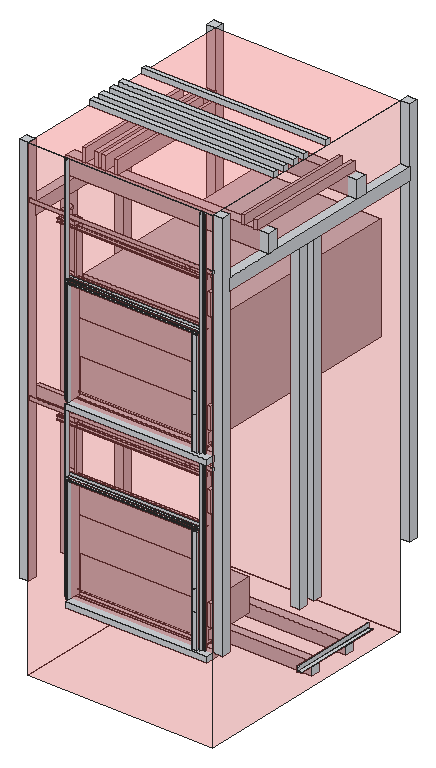
Revit family "SF6000-3U-1方向", category 一般モデル, Revit 2018
Family settings
  鉄筋をホスト可能 = いいえ
  丸型コネクタ寸法 = 直径を使用
  パーツ タイプ = 標準
  作業面ベース = いいえ
  常に垂直 = はい
  ロード時にボイドで切り取り = いいえ
  共有 = いいえ
  部屋計算ポイント = いいえ
Parameters
  昇降行程 = 5000 mm
Reference planes
  plane 1 "レール芯": y = 0
  plane 2 "最下階FL": z = 0
  plane 3 "かご芯": x = 0
  plane 4: z = 5000
  plane 5 "ピット底面": z = -2400
  plane 6: z = 11100
  plane 7: z = 3000
Forms (mm)
  Extrusion 1, solid
    sketch origin (-115, 130, 0) x (1, 0, 0) y (0, 1, 0)
      loop
        line (-2850, 3425) -> (-2850, -3215) -> (2370, -3215) -> (2370, 3425) -> (-2850, 3425)
    from -2400 to 11100
  Extrusion 2, solid
    sketch origin (-188.849, -192.656, 5000) x (1, 0, 0) y (0, 1, 0)
      loop
        line (-1606.151, 3632.656) -> (-1606.151, -2407.344) -> (1983.849, -2407.344) -> (1983.849, 3632.656) -> (-1606.151, 3632.656)
    from 0 to 3000
  Extrusion 3, solid
    sketch origin (-1419.116, 474.003, -69) x (1, 0, 0) y (0, 1, 0)
      loop
        line (-1125.884, 1163.497) -> (-1125.884, 188.497) -> (921.616, 188.497) -> (921.616, 1163.497) -> (-1125.884, 1163.497)
    from -1931 to -1020
  Extrusion 4, solid
    sketch origin (-80.164, 26.744, 0) x (1, 0, 0) y (0, 1, 0)
      loop
        line (2335.164, 388.256) -> (2335.164, 138.256) -> (2585.164, 138.256) -> (2585.164, 388.256) -> (2335.164, 388.256)
    from 0 to 9160
  Extrusion 5, solid
    sketch origin (-55.164, -373.256, 0) x (1, 0, 0) y (0, 1, 0)
      loop
        line (2310.164, 288.256) -> (2310.164, 38.256) -> (2560.164, 38.256) -> (2560.164, 288.256) -> (2310.164, 288.256)
    from 0 to 9160
  Extrusion 6, solid
    sketch origin (148.997, -46.31, 0) x (1, 0, 0) y (0, 1, 0)
      loop
        line (-3363.997, 581.31) -> (-3363.997, 331.31) -> (-3113.997, 331.31) -> (-3113.997, 581.31) -> (-3363.997, 581.31)
    from 0 to 9160
  Extrusion 7, solid
    sketch origin (-181.003, -1846.31, 0) x (1, 0, 0) y (0, 1, 0)
      loop
        line (-3033.997, 481.31) -> (-3033.997, 231.31) -> (-2783.997, 231.31) -> (-2783.997, 481.31) -> (-3033.997, 481.31)
    from 0 to 9160
  Extrusion 8, solid
    sketch origin (0, -154.792, -183.066) x (0, 1, 0) y (0, 0, 1)
      loop
        line (279.792, 11433.066) -> (279.792, 11283.066) -> (429.792, 11283.066) -> (429.792, 11433.066) -> (279.792, 11433.066)
    from -2965 to 2255
  Extrusion 9, solid
    sketch origin (0, -494.792, -183.066) x (0, 1, 0) y (0, 0, 1)
      loop
        line (279.792, 11433.066) -> (279.792, 11283.066) -> (429.792, 11283.066) -> (429.792, 11433.066) -> (279.792, 11433.066)
    from -2965 to 2255
  Extrusion 10, solid
    sketch origin (0, -859.792, -183.066) x (0, 1, 0) y (0, 0, 1)
      loop
        line (279.792, 11433.066) -> (279.792, 11283.066) -> (429.792, 11283.066) -> (429.792, 11433.066) -> (279.792, 11433.066)
    from -2965 to 2255
  Extrusion 11, solid
    sketch origin (0, 635.208, -183.066) x (0, 1, 0) y (0, 0, 1)
      loop
        line (279.792, 11433.066) -> (279.792, 11283.066) -> (429.792, 11283.066) -> (429.792, 11433.066) -> (279.792, 11433.066)
    from -2965 to 2255
  Extrusion 12, solid
    sketch origin (0, -1982.235, 116.596) x (0, 1, 0) y (0, 0, 1)
      loop
        line (-827.765, 4733.404) -> (-827.765, 4433.404) -> (-677.765, 4433.404) -> (-677.765, 4733.404) -> (-827.765, 4733.404)
    from -2965 to 2255
  Extrusion 13, solid
    sketch origin (122.648, -2068.415, 0) x (-1, 0, 0) y (0, -1, 0)
      loop
        line (-1827.352, 1006.585) -> (-1827.352, 1106.585) -> (-1830.352, 1106.585)
        arc (-1830.352, 1106.585) -> (-1835.302, 1104.535) -> (-1837.352, 1099.585) r 7
        line (-1837.352, 1099.585) -> (-1837.352, 1026.585)
        arc (-1837.352, 1026.585) -> (-1840.281, 1019.514) -> (-1847.352, 1016.585) r 10
        line (-1847.352, 1016.585) -> (-1920.352, 1016.585)
        arc (-1920.352, 1016.585) -> (-1925.302, 1014.535) -> (-1927.352, 1009.585) r 7
        line (-1927.352, 1009.585) -> (-1927.352, 1006.585) -> (-1827.352, 1006.585)
    from 0 to 4850
  Extrusion 14, solid
    sketch origin (77.352, -2068.415, 0) x (1, 0, 0) y (0, 1, 0)
      loop
        line (-2000.352, -1016.585) -> (-1927.352, -1016.585)
        arc (-1927.352, -1016.585) -> (-1920.281, -1019.514) -> (-1917.352, -1026.585) r 10
        line (-1917.352, -1026.585) -> (-1917.352, -1099.585)
        arc (-1917.352, -1099.585) -> (-1915.302, -1104.535) -> (-1910.352, -1106.585) r 7
        line (-1910.352, -1106.585) -> (-1907.352, -1106.585) -> (-1907.352, -1006.585) -> (-2007.352, -1006.585) -> (-2007.352, -1009.585)
        arc (-2007.352, -1009.585) -> (-2005.302, -1014.535) -> (-2000.352, -1016.585) r 7
    from 0 to 4850
  Extrusion 15, solid
    sketch origin (322.648, -2068.415, 5000) x (-1, 0, 0) y (0, -1, 0)
      loop
        line (-1627.352, 1006.585) -> (-1627.352, 1106.585) -> (-1630.352, 1106.585)
        arc (-1630.352, 1106.585) -> (-1635.302, 1104.535) -> (-1637.352, 1099.585) r 7
        line (-1637.352, 1099.585) -> (-1637.352, 1026.585)
        arc (-1637.352, 1026.585) -> (-1640.281, 1019.514) -> (-1647.352, 1016.585) r 10
        line (-1647.352, 1016.585) -> (-1720.352, 1016.585)
        arc (-1720.352, 1016.585) -> (-1725.302, 1014.535) -> (-1727.352, 1009.585) r 7
        line (-1727.352, 1009.585) -> (-1727.352, 1006.585) -> (-1627.352, 1006.585)
    from 0 to 6100
  Extrusion 16, solid
    sketch origin (77.352, -2068.415, 5000) x (1, 0, 0) y (0, 1, 0)
      loop
        line (-2007.352, -1006.585) -> (-2007.352, -1009.585)
        arc (-2007.352, -1009.585) -> (-2005.302, -1014.535) -> (-2000.352, -1016.585) r 7
        line (-2000.352, -1016.585) -> (-1927.352, -1016.585)
        arc (-1927.352, -1016.585) -> (-1920.281, -1019.514) -> (-1917.352, -1026.585) r 10
        line (-1917.352, -1026.585) -> (-1917.352, -1099.585)
        arc (-1917.352, -1099.585) -> (-1915.302, -1104.535) -> (-1910.352, -1106.585) r 7
        line (-1910.352, -1106.585) -> (-1907.352, -1106.585) -> (-1907.352, -1006.585) -> (-2007.352, -1006.585)
    from 0 to 6100
  Extrusion 17, solid
    sketch origin (90, -5247.272, 1335.614) x (0, 0, -1) y (0, 1, 0)
      loop
        arc (-1844.386, 2169.272) -> (-1842.335, 2164.322) -> (-1837.386, 2162.272) r 7
        line (-1837.386, 2162.272) -> (-1764.386, 2162.272)
        arc (-1764.386, 2162.272) -> (-1757.315, 2159.343) -> (-1754.386, 2152.272) r 10
        line (-1754.386, 2152.272) -> (-1754.386, 2079.272)
        arc (-1754.386, 2079.272) -> (-1752.335, 2074.322) -> (-1747.386, 2072.272) r 7
        line (-1747.386, 2072.272) -> (-1744.386, 2072.272) -> (-1744.386, 2172.272) -> (-1844.386, 2172.272) -> (-1844.386, 2169.272)
    from -1920 to 1860
  Extrusion 18, solid
    sketch origin (-181.003, 3223.69, 0) x (1, 0, 0) y (0, 1, 0)
      loop
        line (-3033.997, 581.31) -> (-3033.997, 331.31) -> (-2783.997, 331.31) -> (-2783.997, 581.31) -> (-3033.997, 581.31)
    from 0 to 11100
  Extrusion 19, solid
    sketch origin (494.836, 3416.744, 0) x (1, 0, 0) y (0, 1, 0)
      loop
        line (1760.164, 388.256) -> (1760.164, 138.256) -> (2010.164, 138.256) -> (2010.164, 388.256) -> (1760.164, 388.256)
    from 0 to 11100
  Extrusion 20, solid
    sketch origin (-181.003, -3291.31, 0) x (1, 0, 0) y (0, 1, 0)
      loop
        line (-3033.997, 481.31) -> (-3033.997, 231.31) -> (-2783.997, 231.31) -> (-2783.997, 481.31) -> (-3033.997, 481.31)
    from 0 to 11100
  Extrusion 21, solid
    sketch origin (494.836, -3098.256, 0) x (1, 0, 0) y (0, 1, 0)
      loop
        line (1760.164, 288.256) -> (1760.164, 38.256) -> (2010.164, 38.256) -> (2010.164, 288.256) -> (1760.164, 288.256)
    from 0 to 11100
  Extrusion 22, solid
    sketch origin (150, 2391.904, 119.994) x (0, 1, 0) y (0, 0, 1)
      loop
        line (-766.904, -1879.994) -> (-766.904, -2219.994) -> (-516.904, -2219.994) -> (-516.904, -1879.994) -> (-766.904, -1879.994)
    from -3265 to 2105
  Extrusion 23, solid
    sketch origin (150, 1191.904, 119.994) x (0, 1, 0) y (0, 0, 1)
      loop
        line (-766.904, -1879.994) -> (-766.904, -2219.994) -> (-516.904, -2219.994) -> (-516.904, -1879.994) -> (-766.904, -1879.994)
    from -3265 to 2105
  Extrusion 24, solid
    sketch origin (0, -1199.792, -183.066) x (0, 1, 0) y (0, 0, 1)
      loop
        line (279.792, 11433.066) -> (279.792, 11283.066) -> (429.792, 11283.066) -> (429.792, 11433.066) -> (279.792, 11433.066)
    from -2965 to 2255
  Extrusion 25, solid
    sketch origin (0, 946.791, -236.921) x (0, 1, 0) y (0, 0, 1)
      loop
        line (748.209, 10224.921) -> (748.209, 9736.921) -> (1048.209, 9736.921) -> (1048.209, 10224.921) -> (748.209, 10224.921)
    from -3215 to 2505
  Extrusion 26, solid
    sketch origin (0, -2228.209, -236.921) x (0, 1, 0) y (0, 0, 1)
      loop
        line (798.209, 10224.921) -> (798.209, 9736.921) -> (1098.209, 9736.921) -> (1098.209, 10224.921) -> (798.209, 10224.921)
    from -3215 to 2505
  Extrusion 27, solid
    sketch origin (582.993, 0, 645.444) x (1, 0, 0) y (0, 0, 1)
      loop
        line (1672.007, 8854.556) -> (1672.007, 8514.556) -> (1922.007, 8514.556) -> (1922.007, 8854.556) -> (1672.007, 8854.556)
    from -3555 to 2810
  Extrusion 28, solid
    sketch origin (-4887.007, 0, -304.556) x (1, 0, 0) y (0, 0, 1)
      loop
        line (1672.007, 9804.556) -> (1672.007, 9464.556) -> (1922.007, 9464.556) -> (1922.007, 9804.556) -> (1672.007, 9804.556)
    from -3555 to 2810
  Extrusion 29, solid
    sketch origin (90, -5402.272, 6835.614) x (0, 0, -1) y (0, 1, 0)
      loop
        arc (-1254.386, 2234.272) -> (-1252.335, 2229.322) -> (-1247.386, 2227.272) r 7
        line (-1247.386, 2227.272) -> (-1244.386, 2227.272) -> (-1244.386, 2327.272) -> (-1344.386, 2327.272) -> (-1344.386, 2324.272)
        arc (-1344.386, 2324.272) -> (-1342.335, 2319.322) -> (-1337.386, 2317.272) r 7
        line (-1337.386, 2317.272) -> (-1264.386, 2317.272)
        arc (-1264.386, 2317.272) -> (-1257.315, 2314.343) -> (-1254.386, 2307.272) r 10
        line (-1254.386, 2307.272) -> (-1254.386, 2234.272)
    from -1920 to 1860
  Extrusion 30, solid
    sketch origin (0, -1037.728, 6220.614) x (0, 0, -1) y (0, 1, 0)
      loop
        arc (-3389.386, -2017.272) -> (-3392.315, -2024.343) -> (-3399.386, -2027.272) r 10
        line (-3399.386, -2027.272) -> (-3472.386, -2027.272)
        arc (-3472.386, -2027.272) -> (-3477.335, -2029.322) -> (-3479.386, -2034.272) r 7
        line (-3479.386, -2034.272) -> (-3479.386, -2037.272) -> (-3379.386, -2037.272) -> (-3379.386, -1937.272) -> (-3382.386, -1937.272)
        arc (-3382.386, -1937.272) -> (-3387.335, -1939.322) -> (-3389.386, -1944.272) r 7
        line (-3389.386, -1944.272) -> (-3389.386, -2017.272)
    from -2965 to 2255
  Extrusion 31, solid
    sketch origin (-773.115, 2400, 115) x (1, 0, 0) y (0, 0, 1)
      loop
        arc (-2203.885, -1851) -> (-2207.4, -1859.485) -> (-2215.885, -1863) r 12
        line (-2215.885, -1863) -> (-2315.885, -1863)
        arc (-2315.885, -1863) -> (-2320.128, -1864.757) -> (-2321.885, -1869) r 6
        line (-2321.885, -1869) -> (-2321.885, -1875) -> (-2191.885, -1875) -> (-2191.885, -1745) -> (-2197.885, -1745)
        arc (-2197.885, -1745) -> (-2202.128, -1746.757) -> (-2203.885, -1751) r 6
        line (-2203.885, -1751) -> (-2203.885, -1851)
    from 0 to 2500
  Extrusion 32, solid
    sketch origin (63.115, 2400, 115) x (-1, 0, 0) y (0, 0, -1)
      loop
        arc (-2203.885, 1751) -> (-2202.128, 1746.757) -> (-2197.885, 1745) r 6
        line (-2197.885, 1745) -> (-2191.885, 1745) -> (-2191.885, 1875) -> (-2321.885, 1875) -> (-2321.885, 1869)
        arc (-2321.885, 1869) -> (-2320.128, 1864.757) -> (-2315.885, 1863) r 6
        line (-2315.885, 1863) -> (-2215.885, 1863)
        arc (-2215.885, 1863) -> (-2207.4, 1859.485) -> (-2203.885, 1851) r 12
        line (-2203.885, 1851) -> (-2203.885, 1751)
    from 0 to 2500
  Extrusion 33, solid
    sketch origin (-177.393, 0, -203.596) x (1, 0, 0) y (0, 0, 1)
      loop
        line (2277.393, 10441.596) -> (2277.393, 10191.596) -> (2377.393, 10191.596) -> (2377.393, 10441.596) -> (2277.393, 10441.596)
    from -1995 to 1430
  Extrusion 34, solid
    sketch origin (-507.393, 0, -203.596) x (1, 0, 0) y (0, 0, 1)
      loop
        line (2257.393, 10441.596) -> (2257.393, 10191.596) -> (2357.393, 10191.596) -> (2357.393, 10441.596) -> (2257.393, 10441.596)
    from -1995 to 1430
  Extrusion 35, solid
    sketch origin (-941.32, 0, -266.523) x (1, 0, 0) y (0, 0, 1)
      loop
        line (-1808.68, 10634.523) -> (-1808.68, 10254.523) -> (-1708.68, 10254.523) -> (-1708.68, 10634.523) -> (-1808.68, 10634.523)
    from -1995 to 1430
  Extrusion 36, solid
    sketch origin (-601.32, 0, -266.523) x (1, 0, 0) y (0, 0, 1)
      loop
        line (-1798.68, 10634.523) -> (-1798.68, 10254.523) -> (-1698.68, 10254.523) -> (-1698.68, 10634.523) -> (-1798.68, 10634.523)
    from -1995 to 1430
  Extrusion 37, solid
    sketch origin (-391.32, 0, -266.523) x (1, 0, 0) y (0, 0, 1)
      loop
        line (-1808.68, 10634.523) -> (-1808.68, 10254.523) -> (-1708.68, 10254.523) -> (-1708.68, 10634.523) -> (-1808.68, 10634.523)
    from -1995 to 1430
  Extrusion 38, solid
    sketch origin (-51.32, 0, -266.523) x (1, 0, 0) y (0, 0, 1)
      loop
        line (-1798.68, 10634.523) -> (-1798.68, 10254.523) -> (-1698.68, 10254.523) -> (-1698.68, 10634.523) -> (-1798.68, 10634.523)
    from -1995 to 1430
  Extrusion 39, solid
    sketch origin (0, -220, 1520) x (0, 1, 0) y (0, 0, 1)
      loop
        arc (-2835, 3090) -> (-2842.071, 3092.929) -> (-2845, 3100) r 10
        line (-2845, 3100) -> (-2845, 3173)
        arc (-2845, 3173) -> (-2847.05, 3177.95) -> (-2852, 3180) r 7
        line (-2852, 3180) -> (-2855, 3180) -> (-2855, 3080) -> (-2755, 3080) -> (-2755, 3083)
        arc (-2755, 3083) -> (-2757.05, 3087.95) -> (-2762, 3090) r 7
        line (-2762, 3090) -> (-2835, 3090)
    from -2965 to 2255
Dimensions and locks
  "昇降行程": plane 4 to plane 2 "最下階FL"
  plane 6 to plane 4 = 6100 mm
  locked: Extrusion 2 to plane 4 at 3000
  locked: plane 4 to Extrusion 13 at 150
  locked: Extrusion 27 to plane 4 at 4160
  aligned and locked: level to plane 2 "最下階FL"
  aligned and locked: Extrusion 1 to plane 5 "ピット底面"
  aligned and locked: Extrusion 2 to plane 4
  aligned and locked: Extrusion 5 to plane 2 "最下階FL"
  aligned and locked: Extrusion 4 to plane 2 "最下階FL"
  aligned and locked: Extrusion 7 to Extrusion 1
  aligned and locked: Extrusion 4 to Extrusion 1
  aligned and locked: Extrusion 5 to Extrusion 1
  aligned and locked: Extrusion 7 to plane 2 "最下階FL"
  aligned and locked: Extrusion 8 to Extrusion 1
  aligned and locked: Extrusion 1 to Extrusion 8  (x2)
  aligned and locked: Extrusion 1 to Extrusion 10  (x2)
  aligned and locked: Extrusion 1 to Extrusion 11  (x2)
  aligned and locked: Extrusion 10 to Extrusion 1
  aligned and locked: Extrusion 9 to Extrusion 1
  aligned and locked: Extrusion 11 to Extrusion 1
  aligned and locked: Extrusion 1 to Extrusion 12  (x2)
  aligned and locked: Extrusion 1 to Extrusion 9  (x2)
  aligned and locked: Extrusion 15 to Extrusion 16
  aligned and locked: Extrusion 16 to plane 4
  aligned and locked: Extrusion 15 to plane 4
  aligned and locked: Extrusion 1 to plane 6
  aligned and locked: plane 6 to Extrusion 15
  aligned and locked: plane 6 to Extrusion 16
  aligned and locked: Extrusion 14 to Extrusion 13
  aligned and locked: Extrusion 19 to Extrusion 1
  aligned and locked: Extrusion 1 to Extrusion 21
  aligned and locked: Extrusion 18 to Extrusion 1
  aligned and locked: Extrusion 1 to Extrusion 20
  aligned and locked: Extrusion 4 to Extrusion 27
  aligned and locked: Extrusion 5 to Extrusion 27
  aligned and locked: Extrusion 7 to Extrusion 27
  aligned and locked: Extrusion 6 to Extrusion 4
  aligned and locked: Extrusion 1 to Extrusion 24  (x2)
  aligned and locked: plane 4 to nested 2
Automatic sketch dimensions
  Extrusion 1 sketch curve to plane 3 "かご芯" = 2965 mm
  plane 3 "かご芯" to Extrusion 1 sketch curve = 2255 mm
  plane 1 "レール芯" to Extrusion 1 sketch curve = 3085 mm
  Extrusion 1 sketch curve to plane 1 "レール芯" = 3555 mm
  Extrusion 2 sketch curve to plane 3 "かご芯" = 1795 mm
  plane 3 "かご芯" to Extrusion 2 sketch curve = 1795 mm
  plane 1 "レール芯" to Extrusion 2 sketch curve = 2600 mm
  Extrusion 2 sketch curve to plane 1 "レール芯" = 3440 mm
  Extrusion 3 sketch curve to plane 1 "レール芯" = 662.5 mm
  Extrusion 3 sketch curve to plane 3 "かご芯" = 2545 mm
  Extrusion 3 sketch curve to plane 3 "かご芯" = 497.5 mm
  Extrusion 3 sketch curve to Extrusion 3 sketch curve = 975 mm
  Extrusion 4 sketch curve to plane 1 "レール芯" = 165 mm
  plane 3 "かご芯" to Extrusion 4 sketch curve = 2255 mm
  Extrusion 4 sketch curve to Extrusion 4 sketch curve = 250 mm  (x2)
  plane 1 "レール芯" to Extrusion 5 sketch curve = 335 mm
  plane 3 "かご芯" to Extrusion 5 sketch curve = 2255 mm
  Extrusion 5 sketch curve to Extrusion 5 sketch curve = 250 mm
  plane 1 "レール芯" to Extrusion 5 sketch curve = 85 mm
  Extrusion 6 sketch curve to plane 1 "レール芯" = 285 mm
  Extrusion 6 sketch curve to plane 3 "かご芯" = 3215 mm
  Extrusion 6 sketch curve to Extrusion 6 sketch curve = 250 mm  (x2)
  Extrusion 7 sketch curve to plane 3 "かご芯" = 3215 mm
  Extrusion 7 sketch curve to Extrusion 7 sketch curve = 250 mm  (x2)
  plane 1 "レール芯" to Extrusion 7 sketch curve = 1615 mm
  Extrusion 8 sketch curve to plane 6 = 0 mm
  Extrusion 8 sketch curve to plane 1 "レール芯" = 125 mm
  Extrusion 8 sketch curve to Extrusion 8 sketch curve = 150 mm
  plane 6 to Extrusion 8 sketch curve = 150 mm
  Extrusion 9 sketch curve to plane 6 = 0 mm
  plane 1 "レール芯" to Extrusion 9 sketch curve = 215 mm
  plane 1 "レール芯" to Extrusion 9 sketch curve = 65 mm
  plane 6 to Extrusion 9 sketch curve = 150 mm
  Extrusion 10 sketch curve to plane 6 = 0 mm
  plane 1 "レール芯" to Extrusion 10 sketch curve = 580 mm
  Extrusion 10 sketch curve to Extrusion 10 sketch curve = 150 mm
  plane 6 to Extrusion 10 sketch curve = 150 mm
  Extrusion 11 sketch curve to plane 6 = 0 mm
  Extrusion 11 sketch curve to plane 1 "レール芯" = 915 mm
  Extrusion 11 sketch curve to Extrusion 11 sketch curve = 150 mm
  plane 6 to Extrusion 11 sketch curve = 150 mm
  Extrusion 12 sketch curve to plane 4 = 450 mm
  plane 1 "レール芯" to Extrusion 12 sketch curve = 2810 mm
  Extrusion 12 sketch curve to Extrusion 12 sketch curve = 150 mm
  Extrusion 12 sketch curve to plane 4 = 150 mm
  Extrusion 18 sketch curve to plane 3 "かご芯" = 3215 mm
  Extrusion 18 sketch curve to Extrusion 18 sketch curve = 250 mm  (x2)
  Extrusion 18 sketch curve to plane 1 "レール芯" = 3555 mm
  plane 3 "かご芯" to Extrusion 19 sketch curve = 2255 mm
  Extrusion 19 sketch curve to Extrusion 19 sketch curve = 250 mm  (x2)
  Extrusion 19 sketch curve to plane 1 "レール芯" = 3555 mm
  Extrusion 20 sketch curve to plane 3 "かご芯" = 3215 mm
  Extrusion 20 sketch curve to Extrusion 20 sketch curve = 250 mm  (x2)
  plane 1 "レール芯" to Extrusion 20 sketch curve = 3060 mm
  plane 3 "かご芯" to Extrusion 21 sketch curve = 2255 mm
  Extrusion 21 sketch curve to Extrusion 21 sketch curve = 250 mm  (x2)
  plane 1 "レール芯" to Extrusion 21 sketch curve = 3060 mm
  plane 5 "ピット底面" to Extrusion 22 sketch curve = 300 mm
  Extrusion 22 sketch curve to plane 1 "レール芯" = 1625 mm
  Extrusion 22 sketch curve to Extrusion 22 sketch curve = 250 mm
  Extrusion 22 sketch curve to Extrusion 22 sketch curve = 340 mm
  Extrusion 23 sketch curve to plane 1 "レール芯" = 425 mm
  Extrusion 23 sketch curve to Extrusion 23 sketch curve = 250 mm
  plane 5 "ピット底面" to Extrusion 23 sketch curve = 300 mm
  Extrusion 23 sketch curve to Extrusion 23 sketch curve = 340 mm
  Extrusion 24 sketch curve to plane 6 = 0 mm
  plane 1 "レール芯" to Extrusion 24 sketch curve = 920 mm
  Extrusion 24 sketch curve to Extrusion 24 sketch curve = 150 mm
  plane 6 to Extrusion 24 sketch curve = 150 mm
  Extrusion 25 sketch curve to plane 1 "レール芯" = 1695 mm
  Extrusion 25 sketch curve to Extrusion 25 sketch curve = 300 mm
  Extrusion 25 sketch curve to plane 6 = 1600 mm
  Extrusion 25 sketch curve to Extrusion 25 sketch curve = 488 mm
  plane 1 "レール芯" to Extrusion 26 sketch curve = 1430 mm
  Extrusion 26 sketch curve to Extrusion 26 sketch curve = 300 mm
  Extrusion 26 sketch curve to plane 6 = 1600 mm
  Extrusion 26 sketch curve to Extrusion 26 sketch curve = 488 mm
  plane 3 "かご芯" to Extrusion 27 sketch curve = 2255 mm
  Extrusion 27 sketch curve to Extrusion 27 sketch curve = 250 mm
  Extrusion 27 sketch curve to plane 6 = 1940 mm
  Extrusion 27 sketch curve to Extrusion 27 sketch curve = 340 mm
  Extrusion 28 sketch curve to plane 3 "かご芯" = 3215 mm
  Extrusion 28 sketch curve to Extrusion 28 sketch curve = 250 mm
  Extrusion 28 sketch curve to plane 6 = 1940 mm
  Extrusion 28 sketch curve to Extrusion 28 sketch curve = 340 mm
  plane 3 "かご芯" to Extrusion 33 sketch curve = 2100 mm
  Extrusion 33 sketch curve to Extrusion 33 sketch curve = 100 mm
  Extrusion 33 sketch curve to plane 6 = 1112 mm
  Extrusion 33 sketch curve to Extrusion 33 sketch curve = 250 mm
  plane 3 "かご芯" to Extrusion 34 sketch curve = 1750 mm
  Extrusion 34 sketch curve to Extrusion 34 sketch curve = 100 mm
  Extrusion 34 sketch curve to plane 6 = 1112 mm
  Extrusion 34 sketch curve to Extrusion 34 sketch curve = 250 mm
  Extrusion 35 sketch curve to plane 6 = 1112 mm
  Extrusion 35 sketch curve to plane 3 "かご芯" = 2750 mm
  Extrusion 35 sketch curve to Extrusion 35 sketch curve = 100 mm
  Extrusion 35 sketch curve to Extrusion 35 sketch curve = 380 mm
  Extrusion 36 sketch curve to plane 6 = 1112 mm
  Extrusion 36 sketch curve to plane 3 "かご芯" = 2400 mm
  Extrusion 36 sketch curve to Extrusion 36 sketch curve = 100 mm
  Extrusion 36 sketch curve to Extrusion 36 sketch curve = 380 mm
  Extrusion 37 sketch curve to plane 3 "かご芯" = 2200 mm
  Extrusion 37 sketch curve to Extrusion 37 sketch curve = 100 mm
  Extrusion 37 sketch curve to plane 6 = 1112 mm
  Extrusion 37 sketch curve to Extrusion 37 sketch curve = 380 mm
  Extrusion 38 sketch curve to plane 3 "かご芯" = 1850 mm
  Extrusion 38 sketch curve to Extrusion 38 sketch curve = 100 mm
  Extrusion 38 sketch curve to plane 6 = 1112 mm
  Extrusion 38 sketch curve to Extrusion 38 sketch curve = 380 mm
  plane 5 "ピット底面" to Extrusion 32 sketch curve = 646 mm
  plane 3 "かご芯" to Extrusion 32 sketch curve = 2385 mm
  Extrusion 32 sketch curve to Extrusion 32 sketch curve = 6 mm  (x4)
  Extrusion 32 sketch curve to Extrusion 32 sketch curve = 100 mm  (x2)
  Extrusion 32 sketch curve to Extrusion 32 sketch curve = 12 mm
  plane 5 "ピット底面" to Extrusion 31 sketch curve = 640 mm
  Extrusion 31 sketch curve to plane 3 "かご芯" = 3095 mm
  Extrusion 31 sketch curve to Extrusion 31 sketch curve = 6 mm  (x4)
  Extrusion 31 sketch curve to Extrusion 31 sketch curve = 100 mm  (x2)
  Extrusion 31 sketch curve to Extrusion 31 sketch curve = 12 mm
  Extrusion 17 sketch curve to plane 7 = 180 mm
  Extrusion 17 sketch curve to Extrusion 17 sketch curve = 7 mm  (x2)
  Extrusion 17 sketch curve to Extrusion 17 sketch curve = 73 mm  (x2)
  Extrusion 17 sketch curve to Extrusion 17 sketch curve = 10 mm  (x2)
  plane 1 "レール芯" to Extrusion 17 sketch curve = 3175 mm
  Extrusion 17 sketch curve to Extrusion 17 sketch curve = 3 mm
  plane 4 to Extrusion 29 sketch curve = 3180 mm
  Extrusion 29 sketch curve to Extrusion 29 sketch curve = 7 mm  (x2)
  Extrusion 29 sketch curve to Extrusion 29 sketch curve = 73 mm  (x2)
  Extrusion 29 sketch curve to Extrusion 29 sketch curve = 10 mm
  Extrusion 29 sketch curve to Extrusion 29 sketch curve = 3 mm  (x2)
  plane 1 "レール芯" to Extrusion 29 sketch curve = 3175 mm
  plane 6 to Extrusion 30 sketch curve = 1400 mm
  Extrusion 30 sketch curve to Extrusion 30 sketch curve = 7 mm  (x2)
  Extrusion 30 sketch curve to Extrusion 30 sketch curve = 73 mm  (x2)
  Extrusion 30 sketch curve to Extrusion 30 sketch curve = 10 mm  (x2)
  Extrusion 30 sketch curve to Extrusion 30 sketch curve = 3 mm
  Extrusion 30 sketch curve to plane 1 "レール芯" = 2975 mm
  Extrusion 15 sketch curve to plane 3 "かご芯" = 2050 mm
  Extrusion 15 sketch curve to Extrusion 15 sketch curve = 7 mm  (x2)
  Extrusion 15 sketch curve to Extrusion 15 sketch curve = 73 mm  (x2)
  Extrusion 15 sketch curve to Extrusion 15 sketch curve = 10 mm
  Extrusion 15 sketch curve to Extrusion 15 sketch curve = 3 mm
  Extrusion 15 sketch curve to plane 1 "レール芯" = 3175 mm
  Extrusion 15 sketch curve to Extrusion 15 sketch curve = 20 mm
  Extrusion 13 sketch curve to plane 3 "かご芯" = 2050 mm
  Extrusion 13 sketch curve to Extrusion 13 sketch curve = 7 mm  (x2)
  Extrusion 13 sketch curve to Extrusion 13 sketch curve = 73 mm  (x2)
  Extrusion 13 sketch curve to Extrusion 13 sketch curve = 10 mm
  Extrusion 13 sketch curve to Extrusion 13 sketch curve = 3 mm
  Extrusion 13 sketch curve to plane 1 "レール芯" = 3175 mm
  Extrusion 13 sketch curve to Extrusion 13 sketch curve = 20 mm
  Extrusion 16 sketch curve to plane 3 "かご芯" = 1930 mm
  Extrusion 16 sketch curve to Extrusion 16 sketch curve = 7 mm  (x2)
  Extrusion 16 sketch curve to Extrusion 16 sketch curve = 73 mm  (x2)
  Extrusion 16 sketch curve to Extrusion 16 sketch curve = 10 mm  (x2)
  Extrusion 16 sketch curve to Extrusion 16 sketch curve = 20 mm
  plane 1 "レール芯" to Extrusion 16 sketch curve = 3175 mm
  Extrusion 14 sketch curve to plane 3 "かご芯" = 1930 mm
  Extrusion 14 sketch curve to Extrusion 14 sketch curve = 7 mm  (x2)
  Extrusion 14 sketch curve to Extrusion 14 sketch curve = 73 mm  (x2)
  Extrusion 14 sketch curve to Extrusion 14 sketch curve = 10 mm
  Extrusion 14 sketch curve to Extrusion 14 sketch curve = 3 mm  (x2)
  plane 1 "レール芯" to Extrusion 14 sketch curve = 3175 mm
  Extrusion 39 sketch curve to Extrusion 39 sketch curve = 3 mm  (x2)
  Extrusion 39 sketch curve to Extrusion 39 sketch curve = 7 mm  (x2)
  Extrusion 39 sketch curve to Extrusion 39 sketch curve = 10 mm
  Extrusion 39 sketch curve to Extrusion 39 sketch curve = 73 mm  (x2)
  Extrusion 39 sketch curve to plane 7 = 1600 mm
  plane 1 "レール芯" to Extrusion 39 sketch curve = 3075 mm
Nested families
  nested 1: "3U" at (0, -2630, 0), type "3U"
    with 戸袋 1320 mm, 壁外～敷居先端 555 mm, 出入口高さ 3000 mm, 出入口幅 3500 mm
  nested 2: "3U" at (0, -2630, 5000), type "3U"
    with 戸袋 1320 mm, 壁外～敷居先端 555 mm, 出入口高さ 3000 mm, 出入口幅 3500 mm
Definition of nested family "3U"
  Parameters (values of type "3U")
    戸袋 = 1120 mm
    壁外～敷居先端 = 480 mm
    出入口高さ = 2400 mm
    出入口幅 = 2500 mm
  Reference planes
    plane 1 "敷居先端": y = 0
    plane 2: z = 0
    plane 3 "中心(左/右)": x = 0
    plane 4: x = 1250
    plane 5: x = -1250
    plane 6: z = 2400
    plane 7: z = 800
    plane 8 "出入口高さ": z = 3520
    plane 9: z = 3500
    plane 10: x = 789
    plane 11: z = 3530
    plane 12: x = -1406
    plane 13: z = 3622.5
    plane 14: x = -1850
    plane 15: x = -1755
    plane 16: z = 3680
    plane 17: z = 2470
    plane 18: y = -480
    plane 19: x = -1330
    plane 20: x = 1450
    plane 21: z = 2480
    plane 22: z = 1600
    plane 23: x = -1387
  Forms (mm)
    Extrusion 1, solid
      sketch origin (0, 0, 0) x (1, 0, 0) y (0, 1, 0)
        loop
          line (-1270, -45) -> (-1270, -87) -> (1270, -87) -> (1270, -45) -> (-1270, -45)
      from 0 to 830
    Extrusion 2, solid
      sketch origin (0, 0, 0) x (1, 0, 0) y (0, 1, 0)
        loop
          line (-1270, -95) -> (-1270, -137) -> (1270, -137) -> (1270, -95) -> (-1270, -95)
      from 800 to 1630
    Extrusion 3, solid
      sketch origin (0, 0, 0) x (1, 0, 0) y (0, 1, 0)
        loop
          line (-1300, -195) -> (-1300, -196.6) -> (-1251.6, -196.6) -> (-1251.6, -488.4) -> (-1278.4, -488.4) -> (-1278.4, -460) -> (-1280, -460) -> (-1280, -490) -> (-1250, -490) -> (-1250, -195) -> (-1300, -195)
      from 0 to 2400
    Extrusion 4, solid
      sketch origin (0, 0, 0) x (1, 0, 0) y (0, 1, 0)
        loop
          line (1300, -195) -> (1250, -195) -> (1250, -490) -> (1400, -490) -> (1400, -460) -> (1398.4, -460) -> (1398.4, -488.4) -> (1251.6, -488.4) -> (1251.6, -196.6) -> (1300, -196.6) -> (1300, -195)
      from 0 to 2400
    Extrusion 5, solid
      sketch origin (0, 0, -10) x (0, 1, 0) y (0, 0, 1)
        loop
          line (-30, 10) -> (-580, 10) -> (-580, -140) -> (-30, -140) -> (-30, 10)
      from -1750 to 1750
    Extrusion 6, void
      sketch origin (0, 0, 0) x (0, 1, 0) y (0, 0, 1)
        loop
          line (-310, 0) -> (-310, -60) -> (-30, -60) -> (-30, 0) -> (-310, 0)
      from -1750 to 1750
    Extrusion 7, solid
      sketch origin (0, 0, 0) x (0, 1, 0) y (0, 0, 1)
        loop
          line (-230, 0) -> (-230, -4.5) -> (0, -4.5) -> (0, 0) -> (-230, 0)
      from -1412 to 1412
    Extrusion 8, solid
      sketch origin (0, -75, 0) x (0, 1, 0) y (0, 0, 1)
        loop
          arc (-150, -14) -> (-148.682, -10.818) -> (-145.5, -9.5) r 4.5
          line (-145.5, -9.5) -> (-118, -9.5)
          arc (-118, -9.5) -> (-115.879, -8.621) -> (-115, -6.5) r 3
          line (-115, -6.5) -> (-115, -4.5) -> (-155, -4.5) -> (-155, -44.5) -> (-153, -44.5)
          arc (-153, -44.5) -> (-150.879, -43.621) -> (-150, -41.5) r 3
          line (-150, -41.5) -> (-150, -14)
      from -1412 to 1412
    Extrusion 9, solid
      sketch origin (0, 0, 0) x (0, 1, 0) y (0, 0, 1)
        loop
          line (-10, -14) -> (-10, -41.5)
          arc (-10, -41.5) -> (-9.121, -43.621) -> (-7, -44.5) r 3
          line (-7, -44.5) -> (-5, -44.5) -> (-5, -4.5) -> (-45, -4.5) -> (-45, -6.5)
          arc (-45, -6.5) -> (-44.121, -8.621) -> (-42, -9.5) r 3
          line (-42, -9.5) -> (-14.5, -9.5)
          arc (-14.5, -9.5) -> (-11.318, -10.818) -> (-10, -14) r 4.5
      from -1412 to 1412
    Extrusion 10, solid
      sketch origin (0, 0, 0) x (0, 1, 0) y (0, 0, 1)
        loop
          line (-40.028, 3420) -> (0, 3420) -> (0, 3424.5) -> (-35.5, 3424.5) -> (-35.5, 3515.5) -> (0, 3515.5) -> (0, 3520) -> (-40.028, 3520) -> (-40.028, 3420)
      from -1850 to 1362
    Extrusion 11, solid
      sketch origin (0, 0, 0) x (0, 1, 0) y (0, 0, 1)
        loop
          line (-225.055, 3526) -> (-225.055, 3520) -> (74.9, 3520) -> (74.9, 3526) -> (-225.055, 3526)
      from -1850 to -1660
    Extrusion 12, solid
      sketch origin (0, 0, 0) x (0, 1, 0) y (0, 0, 1)
        loop
          line (-460, 2430) -> (-490, 2430) -> (-490, 2400) -> (-195, 2400) -> (-195, 2401.6) -> (-488.4, 2401.6) -> (-488.4, 2428.4) -> (-460, 2428.4) -> (-460, 2430)
      from -1280 to 1400
    Extrusion 13, solid
      sketch origin (-22.601, -148.434, 0) x (1, 0, 0) y (0, 1, 0)
        loop
          line (1312.601, 108.406) -> (1312.601, -41.594) -> (1384.601, -41.594) -> (1384.601, 108.406) -> (1312.601, 108.406)
      from 0 to 3520
    Extrusion 14, solid
      sketch origin (-3174.601, -148.434, 0) x (1, 0, 0) y (0, 1, 0)
        loop
          line (1812.601, 108.406) -> (1812.601, -41.594) -> (1884.601, -41.594) -> (1884.601, 108.406) -> (1812.601, 108.406)
      from 0 to 3520
    Extrusion 15, solid
      sketch origin (0, 0, -550) x (-1, 0, 0) y (0, 0, -1)
        loop
          circle (-789, -4080) r 61
      from 90.028 to 140.028
    Extrusion 16, solid
      sketch origin (0, 0, -550) x (1, 0, 0) y (0, 0, 1)
        loop
          circle (-1406, 4172.5) r 81
      from 90.028 to 160
    Extrusion 17, solid
      sketch origin (0, -50.1, -550) x (1, 0, 0) y (0, 0, 1)
        loop
          circle (-1755, 4230) r 60
      from -205.9 to 20.6
    Extrusion 18, solid
      sketch origin (0, 0, 2450) x (1, 0, 0) y (0, 1, 0)
        loop
          line (-1587, -62.028) -> (-1587, -218) -> (-1387, -218) -> (-1387, -62.028) -> (-1587, -62.028)
      from -850 to 150
    Extrusion 19, solid
      sketch origin (229.034, -79.666, 4076) x (1, 0, 0) y (0, 1, 0)
        loop
          line (-2074.034, 154.566) -> (-2074.034, -45.434) -> (-1894.034, -45.434) -> (-1894.034, 154.566) -> (-2074.034, 154.566)
      from -550 to -396
    Extrusion 20, solid
      sketch origin (2782.417, -417.994, 75) x (1, 0, 0) y (0, 1, 0)
        loop
          line (-1420.417, 373.067) -> (-1420.417, 283.067) -> (-1382.217, 283.067) -> (-1382.217, 373.067) -> (-1420.417, 373.067)
      from 0 to 255
    Extrusion 21, solid
      sketch origin (-286.199, -145.163, 445) x (1, 0, 0) y (0, 1, 0)
        loop
          line (1648.199, 105.135) -> (1648.199, -44.837) -> (1778.199, -44.837) -> (1778.199, 105.135) -> (1648.199, 105.135)
      from 0 to 600
    Extrusion 22, solid
      sketch origin (-286.199, -145.163, 2827) x (1, 0, 0) y (0, 1, 0)
        loop
          line (1648.199, 105.135) -> (1648.199, -44.837) -> (1778.199, -44.837) -> (1778.199, 105.135) -> (1648.199, 105.135)
      from -100 to 500
    Extrusion 23, solid
      sketch origin (142.65, 0, -207.206) x (1, 0, 0) y (0, 0, 1)
        loop
          line (-1638.65, 3829.706) -> (-1638.65, 3727.206) -> (-1458.65, 3727.206) -> (-1458.65, 3829.706) -> (-1638.65, 3829.706)
      from 0 to 230.055
    Extrusion 24, solid
      sketch origin (520, -163, 962.5) x (1, 0, 0) y (0, 1, 0)
        loop
          line (740, -327) -> (740, -330) -> (870, -330) -> (870, -327) -> (740, -327)
      from 0 to 590
    Extrusion 25, solid
      sketch origin (0, -230.055, 0) x (0, -1, 0) y (0, 0, -1)
        loop
          line (-40.028, -3420) -> (-40.028, -3520) -> (0, -3520) -> (0, -3515.5) -> (-35.5, -3515.5) -> (-35.5, -3424.5) -> (0, -3424.5) -> (0, -3420) -> (-40.028, -3420)
      from -1850 to 1362
    Extrusion 26, solid
      sketch origin (0, -50, 0) x (1, 0, 0) y (0, 1, 0)
        loop
          line (-1270, -95) -> (-1270, -137) -> (1270, -137) -> (1270, -95) -> (-1270, -95)
      from 1600 to 2430
  Cuts and joins
    Extrusion 6 cuts Extrusion 1
    Extrusion 6 cuts Extrusion 5
  Lines and regions (mm)
    reference lines
      curve 1: line (1250, -10, 0) -> (1362, -10, 0)
    symbolic lines
      curve 2: line (0, -490, 0) -> (0, -195, 0)
  Dimensions and locks
    "出入口幅": plane 5 to plane 4
    equal spacing: plane 5, plane 3 "中心(左/右)", plane 4
    "出入口高さ": plane 6 to level
    locked: Extrusion 1 to plane 7 at 30
    locked: plane 4 to Extrusion 1 at 20
    locked: Extrusion 2 to plane 5 at 20
    locked: plane 4 to Extrusion 7 at 162
    locked: Extrusion 7 to plane 5 at 162
    "戸袋": plane 8 "出入口高さ" to plane 6
    locked: plane 4 to Extrusion 10 at 112
    locked: plane 9 to plane 8 "出入口高さ" at 20
    locked: Extrusion 12 to plane 5 at 30
    locked: plane 4 to Extrusion 12 at 150
    locked: plane 11 to plane 8 "出入口高さ" at 10
    locked: plane 4 to plane 10 at 461
    locked: plane 13 to plane 8 "出入口高さ" at 102.5
    locked: plane 14 to Extrusion 11 at 190
    locked: plane 14 to plane 5 at 600
    locked: plane 14 to plane 12 at 444
    locked: plane 16 to plane 8 "出入口高さ" at 160
    locked: plane 14 to plane 15 at 95
    locked: plane 4 to cut or joined group of Extrusion 5, Extrusion 6 at 500
    cut or joined group of Extrusion 5, Extrusion 6 to plane 5 = 500 mm
    locked: plane 6 to plane 17 at 70
    locked: plane 18 to Extrusion 3 at 10
    locked: plane 18 to Extrusion 4 at 10
    locked: plane 18 to cut or joined group of Extrusion 5, Extrusion 6 at 100
    locked: Extrusion 12 to plane 18 at 10
    locked: Extrusion 22 to Extrusion 22 at 600
    locked: plane 6 to Extrusion 22 at 327
    locked: Extrusion 11 to plane 8 "出入口高さ" at 6
    locked: plane 16 to Extrusion 11 at 154
    locked: cut or joined group of Extrusion 5, Extrusion 6 to cut or joined group of Extrusion 5, Extrusion 6 at 280
    locked: plane 19 to plane 5 at 80
    locked: plane 4 to plane 20 at 200
    locked: plane 21 to plane 6 at 80
    locked: Extrusion 26 to plane 6 at 30
    locked: Extrusion 2 to plane 22 at 30
    equal spacing: plane 6, plane 22, plane 7, level
    locked: Extrusion 18 to plane 22 at 1000
    locked: Extrusion 8 to plane 1 "敷居先端" at 230
    "壁外～敷居先端": plane 18 to plane 1 "敷居先端"
    aligned and locked: level to plane 2
    aligned and locked: Extrusion 2 to plane 7
    aligned and locked: plane 5 to Extrusion 3
    aligned and locked: plane 4 to Extrusion 4
    aligned and locked: plane 6 to Extrusion 4
    aligned and locked: Extrusion 4 to plane 6
    aligned and locked: plane 6 to Extrusion 3
    aligned and locked: Extrusion 7 to plane 1 "敷居先端"
    aligned and locked: Extrusion 7 to Extrusion 8  (x2)
    aligned and locked: Extrusion 7 to Extrusion 9  (x2)
    aligned and locked: Extrusion 8 to Extrusion 7
    aligned and locked: plane 8 "出入口高さ" to Extrusion 10
    aligned and locked: Extrusion 11 to Extrusion 10
    aligned and locked: Extrusion 12 to plane 6
    aligned and locked: Extrusion 12 to Extrusion 3
    aligned and locked: Extrusion 12 to Extrusion 4
    aligned and locked: Extrusion 13 to level
    aligned and locked: Extrusion 14 to level
    aligned and locked: plane 11 to Extrusion 15
    aligned and locked: Extrusion 16 to plane 13
    aligned and locked: plane 14 to Extrusion 11
    aligned and locked: plane 14 to Extrusion 10
    aligned and locked: Extrusion 17 to plane 16
    aligned and locked: cut or joined group of Extrusion 5, Extrusion 6 to cut or joined group of Extrusion 5, Extrusion 6  (x4)
    aligned and locked: cut or joined group of Extrusion 5, Extrusion 6 to Extrusion 6
    aligned and locked: Extrusion 6 to cut or joined group of Extrusion 5, Extrusion 6
    aligned and locked: Extrusion 19 to plane 16
    aligned and locked: Extrusion 19 to Extrusion 11
    aligned and locked: Extrusion 20 to Extrusion 13
    aligned and locked: Extrusion 21 to Extrusion 13
    aligned and locked: Extrusion 23 to plane 13
    aligned and locked: Extrusion 11 to plane 8 "出入口高さ"
    aligned and locked: plane 8 "出入口高さ" to Extrusion 13
    aligned and locked: plane 8 "出入口高さ" to Extrusion 14
    aligned and locked: Extrusion 25 to Extrusion 10  (x2)
    aligned and locked: Extrusion 26 to plane 22
    aligned and locked: Extrusion 18 to plane 22
  Automatic sketch dimensions
    Extrusion 1 sketch curve to plane 5 = 20 mm
    Extrusion 1 sketch curve to plane 4 = 20 mm
    plane 1 "敷居先端" to Extrusion 1 sketch curve = 87 mm
    Extrusion 1 sketch curve to Extrusion 1 sketch curve = 42 mm
    Extrusion 2 sketch curve to plane 5 = 20 mm
    Extrusion 2 sketch curve to plane 4 = 20 mm
    plane 1 "敷居先端" to Extrusion 2 sketch curve = 137 mm
    Extrusion 2 sketch curve to Extrusion 2 sketch curve = 42 mm
    Extrusion 3 sketch curve to plane 5 = 0 mm
    Extrusion 3 sketch curve to plane 5 = 1.6 mm
    Extrusion 3 sketch curve to plane 18 = 8.4 mm
    Extrusion 3 sketch curve to Extrusion 3 sketch curve = 26.8 mm
    Extrusion 3 sketch curve to Extrusion 3 sketch curve = 1.6 mm  (x3)
    Extrusion 3 sketch curve to plane 19 = 30 mm
    plane 18 to Extrusion 3 sketch curve = 20 mm
    plane 1 "敷居先端" to Extrusion 3 sketch curve = 196.6 mm
    Extrusion 4 sketch curve to plane 4 = 0 mm
    Extrusion 4 sketch curve to plane 4 = 1.6 mm
    Extrusion 4 sketch curve to Extrusion 4 sketch curve = 48.4 mm
    Extrusion 4 sketch curve to plane 18 = 8.4 mm
    plane 20 to Extrusion 4 sketch curve = 51.6 mm
    Extrusion 4 sketch curve to Extrusion 4 sketch curve = 1.6 mm  (x3)
    plane 18 to Extrusion 4 sketch curve = 20 mm
    plane 1 "敷居先端" to Extrusion 4 sketch curve = 196.6 mm
    Extrusion 5 sketch curve to level = 0 mm
    Extrusion 5 sketch curve to plane 18 = 100 mm
    plane 1 "敷居先端" to Extrusion 5 sketch curve = 30 mm
    Extrusion 5 sketch curve to level = 150 mm
    Extrusion 6 sketch curve to level = 0 mm
    plane 1 "敷居先端" to Extrusion 6 sketch curve = 30 mm
    Extrusion 6 sketch curve to level = 60 mm
    Extrusion 7 sketch curve to level = 0 mm
    Extrusion 7 sketch curve to plane 1 "敷居先端" = 0 mm
    Extrusion 7 sketch curve to Extrusion 7 sketch curve = 4.5 mm
    Extrusion 8 sketch curve to level = 4.5 mm
    Extrusion 8 sketch curve to Extrusion 8 sketch curve = 2 mm
    Extrusion 8 sketch curve to Extrusion 8 sketch curve = 3 mm  (x2)
    Extrusion 8 sketch curve to Extrusion 8 sketch curve = 4.5 mm
    Extrusion 8 sketch curve to level = 6.5 mm
    Extrusion 8 sketch curve to Extrusion 8 sketch curve = 27.5 mm  (x2)
    Extrusion 9 sketch curve to level = 4.5 mm
    plane 1 "敷居先端" to Extrusion 9 sketch curve = 45 mm
    Extrusion 9 sketch curve to Extrusion 9 sketch curve = 3 mm  (x2)
    Extrusion 9 sketch curve to level = 9.5 mm
    plane 1 "敷居先端" to Extrusion 9 sketch curve = 14.5 mm
    plane 1 "敷居先端" to Extrusion 9 sketch curve = 10 mm
    Extrusion 9 sketch curve to Extrusion 9 sketch curve = 2 mm
    Extrusion 9 sketch curve to Extrusion 9 sketch curve = 27.5 mm
    Extrusion 10 sketch curve to plane 8 "出入口高さ" = 0 mm
    Extrusion 10 sketch curve to plane 1 "敷居先端" = 0 mm  (x2)
    Extrusion 10 sketch curve to plane 8 "出入口高さ" = 4.5 mm
    plane 1 "敷居先端" to Extrusion 10 sketch curve = 35.5 mm
    Extrusion 10 sketch curve to Extrusion 10 sketch curve = 4.528 mm
    plane 9 to Extrusion 10 sketch curve = 75.5 mm
    Extrusion 10 sketch curve to Extrusion 10 sketch curve = 4.5 mm
    Extrusion 11 sketch curve to plane 8 "出入口高さ" = 0 mm
    plane 1 "敷居先端" to Extrusion 11 sketch curve = 225.055 mm
    Extrusion 11 sketch curve to plane 1 "敷居先端" = 74.9 mm
    Extrusion 11 sketch curve to plane 11 = 4 mm
    Extrusion 12 sketch curve to plane 6 = 0 mm
    Extrusion 12 sketch curve to plane 18 = 10 mm
    Extrusion 12 sketch curve to Extrusion 12 sketch curve = 1.6 mm  (x2)
    plane 18 to Extrusion 12 sketch curve = 20 mm
    plane 1 "敷居先端" to Extrusion 12 sketch curve = 195 mm
    plane 6 to Extrusion 12 sketch curve = 1.6 mm
    Extrusion 12 sketch curve to Extrusion 12 sketch curve = 26.8 mm
    Extrusion 13 sketch curve to plane 4 = 40 mm
    Extrusion 13 sketch curve to Extrusion 13 sketch curve = 72 mm
    plane 1 "敷居先端" to Extrusion 13 sketch curve = 190.028 mm
    plane 1 "敷居先端" to Extrusion 13 sketch curve = 40.028 mm
    plane 19 to Extrusion 14 sketch curve = 32 mm
    Extrusion 14 sketch curve to plane 5 = 40 mm
    plane 1 "敷居先端" to Extrusion 14 sketch curve = 190.028 mm
    plane 1 "敷居先端" to Extrusion 14 sketch curve = 40.028 mm
    Extrusion 15 sketch curve to plane 10 = 0 mm
    Extrusion 15 sketch curve to plane 11 = 0 mm
    plane 12 to Extrusion 16 sketch curve = 0 mm
    Extrusion 16 sketch curve to plane 13 = 0 mm
    Extrusion 17 sketch curve to plane 15 = 0 mm
    Extrusion 17 sketch curve to plane 16 = 0 mm
    plane 15 to Extrusion 18 sketch curve = 168 mm
    Extrusion 18 sketch curve to plane 12 = 19 mm
    plane 1 "敷居先端" to Extrusion 18 sketch curve = 218 mm
    plane 1 "敷居先端" to Extrusion 18 sketch curve = 62.028 mm
    Extrusion 19 sketch curve to plane 14 = 5 mm
    plane 15 to Extrusion 19 sketch curve = 90 mm
    plane 1 "敷居先端" to Extrusion 19 sketch curve = 125.1 mm
    Extrusion 19 sketch curve to plane 1 "敷居先端" = 74.9 mm
    plane 20 to Extrusion 20 sketch curve = 88 mm
    Extrusion 20 sketch curve to Extrusion 20 sketch curve = 38.2 mm
    plane 1 "敷居先端" to Extrusion 20 sketch curve = 134.928 mm
    plane 1 "敷居先端" to Extrusion 20 sketch curve = 44.928 mm
    plane 20 to Extrusion 21 sketch curve = 88 mm
    Extrusion 21 sketch curve to plane 20 = 42 mm
    plane 1 "敷居先端" to Extrusion 21 sketch curve = 190 mm
    plane 1 "敷居先端" to Extrusion 21 sketch curve = 40.028 mm
    plane 20 to Extrusion 22 sketch curve = 88 mm
    Extrusion 22 sketch curve to plane 20 = 42 mm
    plane 1 "敷居先端" to Extrusion 22 sketch curve = 190 mm
    plane 1 "敷居先端" to Extrusion 22 sketch curve = 40.028 mm
    Extrusion 23 sketch curve to plane 8 "出入口高さ" = 0 mm
    Extrusion 23 sketch curve to plane 13 = 0 mm
    plane 12 to Extrusion 23 sketch curve = 90 mm
    Extrusion 23 sketch curve to plane 19 = 14 mm
    Extrusion 24 sketch curve to plane 4 = 10 mm
    Extrusion 24 sketch curve to plane 18 = 13 mm
    plane 20 to Extrusion 24 sketch curve = 60 mm
    Extrusion 24 sketch curve to Extrusion 24 sketch curve = 3 mm
    Extrusion 25 sketch curve to plane 8 "出入口高さ" = 0 mm
    Extrusion 25 sketch curve to plane 1 "敷居先端" = 190.028 mm
    Extrusion 25 sketch curve to Extrusion 25 sketch curve = 4.528 mm
    plane 8 "出入口高さ" to Extrusion 25 sketch curve = 4.5 mm
    Extrusion 25 sketch curve to Extrusion 25 sketch curve = 35.5 mm  (x2)
    Extrusion 25 sketch curve to plane 9 = 75.5 mm
    Extrusion 25 sketch curve to Extrusion 25 sketch curve = 4.5 mm
    Extrusion 26 sketch curve to plane 5 = 20 mm
    Extrusion 26 sketch curve to plane 4 = 20 mm
    plane 1 "敷居先端" to Extrusion 26 sketch curve = 187 mm
    Extrusion 26 sketch curve to Extrusion 26 sketch curve = 42 mm
    curve 1 to plane 4 = 0 mm
    plane 1 "敷居先端" to curve 1 = 10 mm
    plane 20 to curve 1 = 88 mm
    plane 18 to Extrusion 6 sketch curve = 170 mm
    plane 1 "敷居先端" to Extrusion 7 sketch curve = 230 mm
    plane 1 "敷居先端" to Extrusion 8 sketch curve = 230 mm
    curve 2 to level = 0 mm
    curve 2 to plane 18 = 10 mm
    plane 1 "敷居先端" to curve 2 = 195 mm
    radius of Extrusion 15 sketch curve = 61 mm
    radius of Extrusion 16 sketch curve = 81 mm
    radius of Extrusion 17 sketch curve = 60 mm
